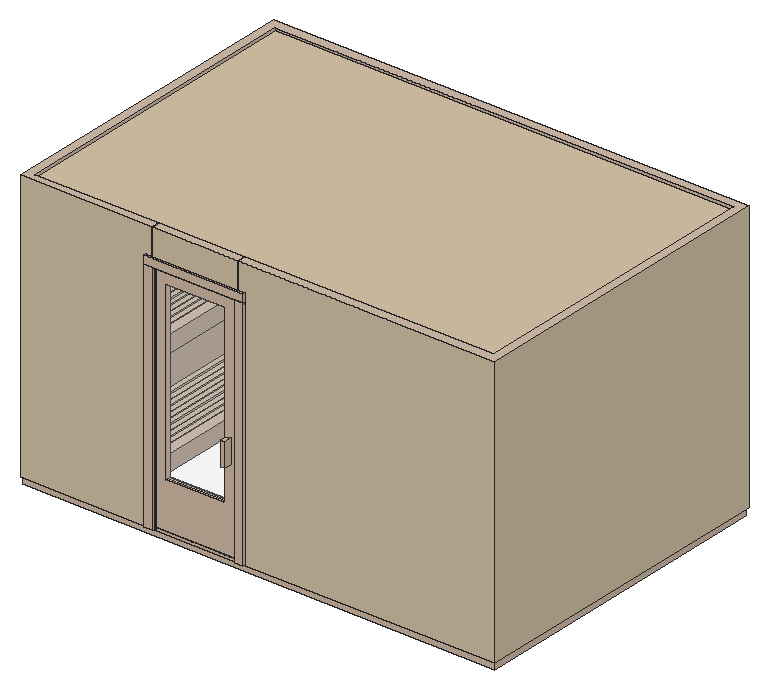
Revit family "Sauna-Room_Prefab_Finlandia_FPF-812", category Specialty Equipment, Revit 2026
Family settings
  Round Connector Dimension = Use Diameter
  Part Type = Normal
  Classification Number = 23.40.50.34.37
  Work Plane-Based = Yes
  Enable Cutting in Views = No
  Always vertical = No
  Cut with Voids When Loaded = No
  Maintain Annotation Orientation = No
  Shared = No
  Room Calculation Point = No
Parameters (values of type "Reversed as Specified")
  Warranty Duration (Years) = 0
  Wall Thickness = 0' - 2 1/2"
  Unit Width = 12' - 0"
  Unit Height = 7' - 0"
  Unit Depth = 8' - 0"
  URL = "http://www.finlandiasauna.com/index.html"
  Structural Frame Material [instance] = Wood - Red Cedar - Finlandia - Finish as Specified
  Standard = not(Reversed)  # no
  Specification = "http://www.arcat.com/sdspecs/htm/13052fin.htm"
  SpecWizard = ""
  Send Message = "http://www.arcat.com/users.pl?action=UserEmail&amp;company=Finlandia+Sauna+Products,+Inc.&amp;coid=32492&amp;rep=133&amp;fax=503-684-1120&amp;mf=95"
  Sales Information = "http://www.finlandiasauna.com/sauna-contactus.html"
  Revision = "R1_2014-07"
  Reversed = yes
  Product Properties = ""
  Product Data = "http://www.arcat.com/arcatcos/cos9532/arc32492.html"
  Model = "FPF 812"
  Manufacturer Website = "http://www.finlandiasauna.com/index.html"
  Manufacturer Phone - Toll Free = "800-354-3342"
  Manufacturer Phone = "503-684-8289"
  Manufacturer Fax = "503-684-1120"
  Manufacturer Address = "14010-B S.W. 72nd Ave.  Portland, OR 97224-0088"
  Manufacturer = "Finlandia Sauna Products, Inc."
  Maintenance Schedule (Months) = 0
  Keynote = "13052"
  Interior Finish [instance] = Wood - TnG - Finlandia - Red Cedar as Specified
  Installation-Fabrication = ""
  Installation Phase = ""
  HeaterLocate = if(Reversed, Unit Width - 4' 4", 4' 4")  # 7' - 8"
  Heater Type [instance] = SaunaHeater : Club 10 kW
  Green Building-LEED = "http://www.arcat.com/green/clients95/leed_data_32492.html"
  Exterior Finish [instance] = Wood - Mahogany - Finlandia - Finish as Specified
  Exposed Base [instance] = 0' - 2"
  Expected Lifespan (Years) = 0
  Drawn By = "Sumex Design, Inc. / Robert S. Weygant, CSI, CDT, SCIP"
  DoorLocate = if(Reversed, Unit Width - Door RO Width - 3' 4", 3' 4")  # 6' - 6"
  Door Slab Finish [instance] = Wood - Douglas Fir - Finlandia - Finish as Specified
  Door Frame Finish [instance] = Wood - Douglas Fir - Finlandia - Finish as Specified
  Door RO Width = 2' - 2"
  Door RO Height [instance] = 6' - 0"
  Door Glazing Tint [instance] = Glazing - Finlandia - Clear
  Description = "Finlandia Prefab Modular Sauna Room - FPF 812 as Specified"
  Default Elevation = 0' - 0"
  Copyright = "©Arcat Inc."
  Construction Details = "http://www.arcat.com/details/finsauna/95finsauna.html?coid=32492"
  Capacity = "12 People"
  Bench Slat Material [instance] = Wood - Red Cedar - Finlandia - Finish as Specified
  Assembly Code = "F1010300"
Types (2): name | Standard | Reversed | HeaterLocate | DoorLocate
  Reversed as Specified | no | yes | 7' - 8" | 6' - 6"
  Standard as Specified | yes | no | 4' - 4" | 3' - 4"
Reference planes (in)
  plane 1 "Center (Front/Back)": y = 0
  plane 2 "Bottom": z = 0
  plane 3 "Center (Left/Right)": x = 0
  plane 4 "Front": y = -48
  plane 5 "Back": y = 48
  plane 6 "Left": x = -72
  plane 7 "Right": x = 72
  plane 8 "Top": z = 84
  plane 9: x = -69.5
  plane 10: x = 69.5
  plane 11: y = 45.5
  plane 12: y = -45.5
  plane 13: z = 2
  plane 14: x = -32
  plane 15: x = -6
  plane 16: z = 74
Forms (in)
  Extrusion 1, solid, material "Wood - Red Cedar - Finlandia - Finish as Specified" <- "Structural Frame Material"
    sketch origin (0, 0, 0) x (1, 0, 0) y (0, 1, 0)
      loop
        line (-71.65625, 47.65625) -> (-71.65625, -47.65625) -> (71.65625, -47.65625) -> (71.65625, 47.65625) -> (-71.65625, 47.65625)
      loop
        line (-70.15625, 46.15625) -> (-70.15625, -46.15625) -> (70.15625, -46.15625) -> (70.15625, 46.15625) -> (-70.15625, 46.15625)
    from 0 to 2
  Extrusion 2, solid, material "Wood - Red Cedar - Finlandia - Finish as Specified" <- "Structural Frame Material"
    sketch origin (0, 0, 0) x (1, 0, 0) y (0, 1, 0)
      loop
        line (-69.5, -45.5) -> (-69.5, 45.5) -> (69.5, 45.5) -> (69.5, -45.5) -> (-6, -45.5) -> (-6, -48) -> (72, -48) -> (72, 48) -> (-72, 48) -> (-72, -48) -> (-32, -48) -> (-32, -45.5) -> (-69.5, -45.5)
    from 2 to 84
  Sweep 3, solid, material "Wood - Red Cedar - Finlandia - Finish as Specified" <- "Bench Slat Material"
    path origin (0, 0, 0) x (1, 0, 0) y (0, 1, 0)
      loop
        line (-69.5, -45.5) -> (-69.5, 45.5)
    profile "Bench : Bench" origin (-69.5, 0, 0) x (-1, 0, 0) y (0, 0, 1)
      loop
        line (0, 31.5) -> (0, 36) -> (-1.625, 36) -> (-1.625, 34.5) -> (-2, 34.5) -> (-2, 36) -> (-3.5, 36) -> (-3.5, 34.5) -> (-3.875, 34.5) -> (-3.875, 36) -> (-5.375, 36) -> (-5.375, 34.5) -> (-5.75, 34.5) -> (-5.75, 36) -> (-7.25, 36) -> (-7.25, 34.5) -> (-7.625, 34.5) -> (-7.625, 36) -> (-9.125, 36) -> (-9.125, 34.5) -> (-9.5, 34.5) -> (-9.5, 36) -> (-11, 36) -> (-11, 34.5) -> (-11.375, 34.5) -> (-11.375, 36) -> (-12.875, 36) -> (-12.875, 34.5) -> (-13.25, 34.5) -> (-13.25, 36) -> (-14.75, 36) -> (-14.75, 34.5) -> (-15.125, 34.5) -> (-15.125, 36) -> (-16.625, 36) -> (-16.625, 34.5) -> (-17, 34.5) -> (-17, 36) -> (-20, 36) -> (-20, 31) -> (-18.5, 31) -> (-18.5, 31.5) -> (0, 31.5)
  Sweep 4, solid, material "Wood - Red Cedar - Finlandia - Finish as Specified" <- "Bench Slat Material"
    path origin (0, 0, 0) x (-1, 0, 0) y (0, 1, 0)
      loop
        line (-69.5, -45.5) -> (-69.5, 45.5)
    profile "Bench : Bench" origin (69.5, 0, 0) x (-1, 0, 0) y (0, 0, 1)
      loop
        line (0, 31.5) -> (18.5, 31.5) -> (18.5, 31) -> (20, 31) -> (20, 36) -> (17, 36) -> (17, 34.5) -> (16.625, 34.5) -> (16.625, 36) -> (15.125, 36) -> (15.125, 34.5) -> (14.75, 34.5) -> (14.75, 36) -> (13.25, 36) -> (13.25, 34.5) -> (12.875, 34.5) -> (12.875, 36) -> (11.375, 36) -> (11.375, 34.5) -> (11, 34.5) -> (11, 36) -> (9.5, 36) -> (9.5, 34.5) -> (9.125, 34.5) -> (9.125, 36) -> (7.625, 36) -> (7.625, 34.5) -> (7.25, 34.5) -> (7.25, 36) -> (5.75, 36) -> (5.75, 34.5) -> (5.375, 34.5) -> (5.375, 36) -> (3.875, 36) -> (3.875, 34.5) -> (3.5, 34.5) -> (3.5, 36) -> (2, 36) -> (2, 34.5) -> (1.625, 34.5) -> (1.625, 36) -> (0, 36) -> (0, 31.5)
  Sweep 5, solid, material "Wood - Red Cedar - Finlandia - Finish as Specified" <- "Bench Slat Material"
    path origin (-77.70319, 6.79815, 0) x (-1, 0, 0) y (0, 1, 0)
      loop
        line (-127.20319, 38.70185) -> (-28.20319, 38.70185)
    profile "Bench : Bench" origin (0, 45.5, 0) x (0, -1, 0) y (0, 0, 1)
      loop
        line (0, 31.5) -> (18.5, 31.5) -> (18.5, 31) -> (20, 31) -> (20, 36) -> (17, 36) -> (17, 34.5) -> (16.625, 34.5) -> (16.625, 36) -> (15.125, 36) -> (15.125, 34.5) -> (14.75, 34.5) -> (14.75, 36) -> (13.25, 36) -> (13.25, 34.5) -> (12.875, 34.5) -> (12.875, 36) -> (11.375, 36) -> (11.375, 34.5) -> (11, 34.5) -> (11, 36) -> (9.5, 36) -> (9.5, 34.5) -> (9.125, 34.5) -> (9.125, 36) -> (7.625, 36) -> (7.625, 34.5) -> (7.25, 34.5) -> (7.25, 36) -> (5.75, 36) -> (5.75, 34.5) -> (5.375, 34.5) -> (5.375, 36) -> (3.875, 36) -> (3.875, 34.5) -> (3.5, 34.5) -> (3.5, 36) -> (2, 36) -> (2, 34.5) -> (1.625, 34.5) -> (1.625, 36) -> (0, 36) -> (0, 31.5)
  Sweep 6, solid, material "Wood - Red Cedar - Finlandia - Finish as Specified" <- "Bench Slat Material"
    path origin (-77.70319, -13.20185, 0) x (-1, 0, 0) y (0, 1, 0)
      loop
        line (-111.20319, 42.70185) -> (-44.20319, 42.70185)
    profile "Bench : Bench" origin (0, 29.5, 0) x (0, -1, 0) y (0, 0, 1)
      loop
        line (0, 13.5) -> (18.5, 13.5) -> (18.5, 13) -> (20, 13) -> (20, 18) -> (17, 18) -> (17, 16.5) -> (16.625, 16.5) -> (16.625, 18) -> (15.125, 18) -> (15.125, 16.5) -> (14.75, 16.5) -> (14.75, 18) -> (13.25, 18) -> (13.25, 16.5) -> (12.875, 16.5) -> (12.875, 18) -> (11.375, 18) -> (11.375, 16.5) -> (11, 16.5) -> (11, 18) -> (9.5, 18) -> (9.5, 16.5) -> (9.125, 16.5) -> (9.125, 18) -> (7.625, 18) -> (7.625, 16.5) -> (7.25, 16.5) -> (7.25, 18) -> (5.75, 18) -> (5.75, 16.5) -> (5.375, 16.5) -> (5.375, 18) -> (3.875, 18) -> (3.875, 16.5) -> (3.5, 16.5) -> (3.5, 18) -> (2, 18) -> (2, 16.5) -> (1.625, 16.5) -> (1.625, 18) -> (0, 18) -> (0, 13.5)
  Sweep 7, solid, material "Wood - Red Cedar - Finlandia - Finish as Specified" <- "Bench Slat Material"
    path origin (20, 0, 0) x (1, 0, 0) y (0, 1, 0)
      loop
        line (-73.5, -45.5) -> (-73.5, 45.5)
    profile "Bench : Bench" origin (-53.5, 0, 0) x (-1, 0, 0) y (0, 0, 1)
      loop
        line (0, 13.5) -> (0, 18) -> (-1.625, 18) -> (-1.625, 16.5) -> (-2, 16.5) -> (-2, 18) -> (-3.5, 18) -> (-3.5, 16.5) -> (-3.875, 16.5) -> (-3.875, 18) -> (-5.375, 18) -> (-5.375, 16.5) -> (-5.75, 16.5) -> (-5.75, 18) -> (-7.25, 18) -> (-7.25, 16.5) -> (-7.625, 16.5) -> (-7.625, 18) -> (-9.125, 18) -> (-9.125, 16.5) -> (-9.5, 16.5) -> (-9.5, 18) -> (-11, 18) -> (-11, 16.5) -> (-11.375, 16.5) -> (-11.375, 18) -> (-12.875, 18) -> (-12.875, 16.5) -> (-13.25, 16.5) -> (-13.25, 18) -> (-14.75, 18) -> (-14.75, 16.5) -> (-15.125, 16.5) -> (-15.125, 18) -> (-16.625, 18) -> (-16.625, 16.5) -> (-17, 16.5) -> (-17, 18) -> (-20, 18) -> (-20, 13) -> (-18.5, 13) -> (-18.5, 13.5) -> (0, 13.5)
  Sweep 8, solid, material "Wood - Red Cedar - Finlandia - Finish as Specified" <- "Bench Slat Material"
    path origin (-20, 0, 0) x (-1, 0, 0) y (0, 1, 0)
      loop
        line (-73.5, -45.5) -> (-73.5, 45.5)
    profile "Bench : Bench" origin (53.5, 0, 0) x (-1, 0, 0) y (0, 0, 1)
      loop
        line (0, 13.5) -> (18.5, 13.5) -> (18.5, 13) -> (20, 13) -> (20, 18) -> (17, 18) -> (17, 16.5) -> (16.625, 16.5) -> (16.625, 18) -> (15.125, 18) -> (15.125, 16.5) -> (14.75, 16.5) -> (14.75, 18) -> (13.25, 18) -> (13.25, 16.5) -> (12.875, 16.5) -> (12.875, 18) -> (11.375, 18) -> (11.375, 16.5) -> (11, 16.5) -> (11, 18) -> (9.5, 18) -> (9.5, 16.5) -> (9.125, 16.5) -> (9.125, 18) -> (7.625, 18) -> (7.625, 16.5) -> (7.25, 16.5) -> (7.25, 18) -> (5.75, 18) -> (5.75, 16.5) -> (5.375, 16.5) -> (5.375, 18) -> (3.875, 18) -> (3.875, 16.5) -> (3.5, 16.5) -> (3.5, 18) -> (2, 18) -> (2, 16.5) -> (1.625, 16.5) -> (1.625, 18) -> (0, 18) -> (0, 13.5)
  Extrusion 9, solid, material "Wood - Red Cedar - Finlandia - Finish as Specified" <- "Structural Frame Material"
    sketch origin (0, 0, 0) x (1, 0, 0) y (0, 1, 0)
      loop
        line (-32, -45.5) -> (-32, -48) -> (-6, -48) -> (-6, -45.5) -> (-32, -45.5)
    from 74 to 84
  Extrusion 10, solid, material "Wood - Mahogany - Finlandia - Finish as Specified" <- "Exterior Finish"
    sketch origin (-43.59721, -180, 84) x (-1, 0, 0) y (0, -1, 0)
      loop
        line (25.90279, -225.5) -> (25.90279, -134.5) -> (-113.09721, -134.5) -> (-113.09721, -225.5) -> (25.90279, -225.5)
    from -3.875 to -0.75
  Extrusion 11, solid, material "Wood - Red Cedar - Finlandia - Finish as Specified" <- "Bench Slat Material", visible <- "Standard"
    sketch origin (0, 0, 0) x (1, 0, 0) y (0, 1, 0)
      loop
        line (-32.28125, -45.5) -> (-30.78125, -45.5) -> (-30.78125, -16.96875) -> (-3.78125, -16.96875) -> (-3.78125, -45.5) -> (-2.28125, -45.5) -> (-2.28125, -15.46875) -> (-32.28125, -15.46875) -> (-32.28125, -45.5)
    from 0 to 31.5
  Extrusion 12, solid, material "Wood - Red Cedar - Finlandia - Finish as Specified" <- "Bench Slat Material", visible <- "Reversed"
    sketch origin (0, 0, 0) x (-1, 0, 0) y (0, -1, 0)
      loop
        line (-32.28125, 45.5) -> (-32.28125, 15.46875) -> (-2.28125, 15.46875) -> (-2.28125, 45.5) -> (-3.78125, 45.5) -> (-3.78125, 16.96875) -> (-30.78125, 16.96875) -> (-30.78125, 45.5) -> (-32.28125, 45.5)
    from 0 to 31.5
Dimensions and locks (in)
  equal spacing: plane 6 "Left", plane 3 "Center (Left/Right)", plane 7 "Right"
  "Unit Width": plane 6 "Left" to plane 7 "Right"
  equal spacing: plane 5 "Back", plane 1 "Center (Front/Back)", plane 4 "Front"
  "Unit Depth": plane 5 "Back" to plane 4 "Front"
  "Unit Height": plane 8 "Top" to level
  "Wall Thickness": plane 5 "Back" to plane 11
  "Wall Thickness": plane 12 to plane 4 "Front"
  "Wall Thickness": plane 6 "Left" to plane 9
  "Wall Thickness": plane 10 to plane 7 "Right"
  "Exposed Base": plane 13 to level
  plane 6 "Left" to Extrusion 1 sketch curve to Extrusion 1 sketch curve = 0' - 0 11/32" locked, 0' - 1 1/2" locked
  Extrusion 1 sketch curve to Extrusion 1 sketch curve to plane 7 "Right" = 0' - 1 1/2" locked, 0' - 0 11/32" locked
  plane 5 "Back" to Extrusion 1 sketch curve to Extrusion 1 sketch curve = 0' - 0 11/32" locked, 0' - 1 1/2" locked
  Extrusion 1 sketch curve to Extrusion 1 sketch curve to plane 4 "Front" = 0' - 1 1/2" locked, 0' - 0 11/32" locked
  "Door RO Width": plane 14 to plane 15
  "DoorLocate": plane 15 to plane 7 "Right"
  locked: plane 11 to Sweep 6 sketch curve at 16
  locked: plane 9 to Sweep 6 sketch curve at 36
  locked: Sweep 6 sketch curve to plane 10 at 36
  locked: plane 11 to Sweep 3 sketch curve at 0
  locked: plane 11 to Sweep 4 sketch curve at 0
  locked: plane 9 to Sweep 7 sketch curve at 16
  locked: plane 11 to Sweep 7 sketch curve at 0
  locked: plane 11 to Sweep 8 sketch curve at 0
  locked: Sweep 8 sketch curve to plane 10 at 16
  locked: plane 9 to Sweep 5 sketch curve at 20
  locked: Sweep 5 sketch curve to plane 10 at 20
  "Door RO Height": plane 16 to plane 13
  locked: nested 1 to plane 12 at 3
  locked: plane 9 to nested 1 at 42
  locked: nested 3 to plane 10 at 42
  locked: nested 3 to plane 12 at 3
  plane 9 to Extrusion 11 sketch curve to Extrusion 11 sketch curve to Extrusion 11 sketch curve to Extrusion 11 sketch curve = 3' - 1 7/32" locked, 0' - 1 1/2" locked, 2' - 3" locked, 0' - 1 1/2" locked
  Extrusion 12 sketch curve to Extrusion 12 sketch curve to Extrusion 12 sketch curve to Extrusion 12 sketch curve = 0' - 1 1/2" locked, 2' - 3" locked, 0' - 1 1/2" locked
  locked: Extrusion 12 sketch curve to plane 10 at 37.21875
  aligned: Extrusion 1 to plane 13
  aligned and locked: Extrusion 2 sketch curve to plane 9
  aligned and locked: Extrusion 2 sketch curve to plane 11
  aligned and locked: Extrusion 2 sketch curve to plane 10
  aligned and locked: Extrusion 2 sketch curve to plane 12
  aligned and locked: Extrusion 2 to plane 13
  aligned and locked: Extrusion 1 to plane 13
  aligned and locked: Extrusion 2 sketch curve to plane 4 "Front"
  aligned and locked: Extrusion 2 sketch curve to plane 7 "Right"
  aligned and locked: Extrusion 2 sketch curve to plane 5 "Back"
  aligned and locked: Extrusion 2 sketch curve to plane 6 "Left"
  aligned and locked: Extrusion 2 to plane 8 "Top"
  aligned and locked: Sweep 5 sketch curve to plane 11
  aligned and locked: plane 12 to Sweep 3 sketch curve
  aligned and locked: Sweep 3 sketch curve to plane 9
  aligned and locked: Sweep 4 sketch curve to plane 10
  aligned and locked: Sweep 4 sketch curve to plane 12
  aligned and locked: plane 12 to Sweep 7 sketch curve
  aligned and locked: Sweep 8 sketch curve to plane 12
  aligned and locked: plane 15 to nested 2
  aligned and locked: plane 4 "Front" to nested 2
  aligned and locked: Extrusion 2 sketch curve to plane 14
  aligned and locked: Extrusion 2 sketch curve to plane 15
  aligned and locked: Extrusion 9 sketch curve to plane 14
  aligned and locked: plane 12 to Extrusion 9 sketch curve
  aligned and locked: Extrusion 9 sketch curve to plane 4 "Front"
  aligned and locked: plane 15 to Extrusion 9 sketch curve
  aligned and locked: plane 8 "Top" to Extrusion 9
  aligned and locked: Extrusion 9 to plane 16
  aligned and locked: Extrusion 10 sketch curve to plane 11
  aligned and locked: Extrusion 10 sketch curve to plane 9
  aligned and locked: Extrusion 10 sketch curve to plane 12
  aligned and locked: Extrusion 10 sketch curve to plane 10
Automatic sketch dimensions
  Extrusion 2 sketch curve to plane 4 "Front" = 0' - 0"
  plane 12 to Extrusion 2 sketch curve = 0' - 0"
  Extrusion 11 sketch curve to plane 12 = 0' - 0"  (x2)
  plane 1 "Center (Front/Back)" to Extrusion 11 sketch curve = 1' - 4 31/32"
  Extrusion 11 sketch curve to Extrusion 11 sketch curve = 0' - 1 1/2"
  plane 12 to Extrusion 12 sketch curve = 0' - 0"
  Extrusion 12 sketch curve to plane 12 = 0' - 0"
  Extrusion 12 sketch curve to plane 1 "Center (Front/Back)" = 1' - 4 31/32"
  Extrusion 12 sketch curve to Extrusion 12 sketch curve = 0' - 1 1/2"
Nested families (in)
  nested 1: "SaunaHeater" at (-17.5625, -34, 0), type <- "Heater Type", visible <- "Standard", type "Club 10 kW"
    with Width 1' - 7 7/8", Height 2' - 3 1/2", Depth 1' - 5"
  nested 2: "Door" at (-19, -46.75, 2), Wall Thickness <- "Wall Thickness", Rough Width <- "Door RO Width", Rough Height <- "Door RO Height", glazing <- "Door Glazing Tint", Swing Right <- "Standard", Swing Left <- "Reversed", frame finish <- "Door Frame Finish", door finish <- "Door Slab Finish", type "Standard"
    with glazing Glazing - Finlandia - Clear, frame finish Wood - Douglas Fir - Finlandia - Finish as Specified, door finish Wood - Douglas Fir - Finlandia - Finish as Specified, built-in parameter 1001301 2' - 0", Wall Thickness 0' - 2 1/2", Swing Right no, Swing Left yes, built-in parameter 1001305 2' - 2", built-in parameter 1001304 6' - 0"
  nested 3: "SaunaHeater" at (17.5625, -34, 0) x (-1, 0, 0) z (0, 0, 1), type <- "Heater Type", visible <- "Reversed", type "Club 10 kW"
    with Width 1' - 7 7/8", Height 2' - 3 1/2", Depth 1' - 5"
Connectors (in)
  electrical at (0, 0, 83.25)
    settings: on Extrusion 10, index 1, voltage 0 V, apparent load 0 VA, apparent load phase1 0 VA, apparent load phase2 0 VA, apparent load phase3 0 VA, power factor 1, load classification "Other", number of poles 1, system type 31, power factor state 1, is connector primary yes, connector utility no, sub classification motor no, connector description ""
Definition of nested family "SaunaHeater"
  Parameters
    Width = 1' - 8 1/8"
    Height = 2' - 8"
    Depth = 1' - 8 1/8"
    Default Elevation = 0' - 0"
  Reference planes (in)
    plane 1 "Center (Front/Back)": y = 0
    plane 2: z = 0
    plane 3 "Center (Left/Right)": x = 0
    plane 4: x = -10.0625
    plane 5: x = 10.0625
    plane 6: y = 10.0625
    plane 7: y = -10.0625
    plane 8: z = 32
  Forms (in)
    Extrusion 1, solid
      sketch origin (0, 0, 0) x (1, 0, 0) y (0, 1, 0)
        loop
          line (-10.0625, 10.0625) -> (-10.0625, -10.0625) -> (10.0625, -10.0625) -> (10.0625, 10.0625) -> (-10.0625, 10.0625)
      from 0 to 32
  Dimensions and locks (in)
    equal spacing: plane 4, plane 3 "Center (Left/Right)", plane 5
    equal spacing: plane 6, plane 1 "Center (Front/Back)", plane 7
    "Depth": plane 6 to plane 7
    "Width": plane 4 to plane 5
    "Height": plane 8 to level
    aligned and locked: level to plane 2
    aligned and locked: Extrusion 1 sketch curve to plane 6
    aligned and locked: plane 4 to Extrusion 1 sketch curve
    aligned and locked: plane 7 to Extrusion 1 sketch curve
    aligned and locked: Extrusion 1 sketch curve to plane 5
    aligned and locked: plane 8 to Extrusion 1
Definition of nested family "Door"
  Parameters
    glazing [instance] = none
    frame finish [instance] = none
    door finish [instance] = none
    Width [instance] = Rough Width - 0' 2"  # 2' - 0"
    Wall Thickness [instance] = 1' - 2"
    Swing Right [instance] = yes
    Swing Left [instance] = yes
    Rough Width [instance] = 2' - 2"
    Rough Height [instance] = 4' - 11.36872"
    Default Elevation = 4' - 0"
    Assembly Code = ""
  Reference planes (in)
    plane 1 "Center (Front/Back)": y = 0
    plane 2: z = 0
    plane 3 "Center (Left/Right)": x = 0
    plane 4: x = -13
    plane 5: x = 13
    plane 6: y = 7
    plane 7: y = -7
    plane 8: z = 59.36872
    plane 9: x = -15
    plane 10: x = 15
    plane 11: y = -31
  Forms (in)
    Extrusion 1, solid, material <- "frame finish"
      sketch origin (-22.33749, -180, 59.36872) x (-1, 0, 0) y (0, -1, 0)
        loop
          line (-9.33749, -187) -> (-9.33749, -173) -> (-7.33749, -173) -> (-7.33749, -172.5) -> (-9.83749, -172.5) -> (-9.83749, -173) -> (-10.33749, -173) -> (-10.33749, -187.5) -> (-7.33749, -187.5) -> (-7.33749, -187) -> (-9.33749, -187)
        loop
          line (-35.33749, -187) -> (-37.33749, -187) -> (-37.33749, -187.5) -> (-34.33749, -187.5) -> (-34.33749, -173) -> (-34.83749, -173) -> (-34.83749, -172.5) -> (-37.33749, -172.5) -> (-37.33749, -173) -> (-35.33749, -173) -> (-35.33749, -187)
      from -59.36872 to -0.5
    Extrusion 2, solid, material <- "frame finish"
      sketch origin (0, 0, 0) x (0, 1, 0) y (0, 0, 1)
        loop
          line (7, 58.36872) -> (7, 58.86872) -> (7.5, 58.86872) -> (7.5, 61.36872) -> (7, 61.36872) -> (7, 59.36872) -> (-7, 59.36872) -> (-7, 61.36872) -> (-7.5, 61.36872) -> (-7.5, 58.86872) -> (-7, 58.86872) -> (-7, 58.36872) -> (7, 58.36872)
      from -15 to 15
    Extrusion 3, solid, material <- "frame finish"
      sketch origin (0, 0, 0) x (1, 0, 0) y (0, 1, 0)
        loop
          line (-12, -5.25) -> (-11.25, -5.25) -> (-11.25, -4.375) -> (-12, -4.375) -> (-12, -5.25)
        loop
          line (12, -5.25) -> (12, -4.375) -> (11.25, -4.375) -> (11.25, -5.25) -> (12, -5.25)
      from 0 to 59.36872
    Extrusion 4, solid, material <- "frame finish"
      sketch origin (0, 0, 0) x (0, 1, 0) y (0, 0, 1)
        loop
          line (-5.25, 58.36872) -> (-5.25, 57.86872) -> (-4.375, 57.86872) -> (-4.375, 58.36872) -> (-5.25, 58.36872)
      from -13 to 13
    Extrusion 5, solid, material <- "door finish"
      sketch origin (-22.31101, -7, 48) x (-1, 0, 0) y (0, 0, 1)
        loop
          line (-34.31101, -47.25) -> (-10.31101, -47.25) -> (-10.31101, 10.36872) -> (-34.31101, 10.36872) -> (-34.31101, -47.25)
        loop
          line (-13.31101, 7.36872) -> (-31.31101, 7.36872) -> (-31.31101, -33.25) -> (-13.31101, -33.25) -> (-13.31101, 7.36872)
      from 0 to 1.75
    Extrusion 6, solid, material <- "frame finish"
      sketch origin (0, 0, 0) x (0, 1, 0) y (0, 0, 1)
        loop
          line (-7, 0.75) -> (-7, 0) -> (7, 0) -> (7, 0.75) -> (-7, 0.75)
      from -13 to 13
    Extrusion 7, solid, material <- "glazing"
      sketch origin (-22.31101, -7, 48) x (-1, 0, 0) y (0, 0, 1)
        loop
          line (-13.31101, 7.36872) -> (-31.31101, 7.36872) -> (-31.31101, -33.25) -> (-13.31101, -33.25) -> (-13.31101, 7.36872)
      from 1.125 to 0.625
    Extrusion 8, solid, material <- "door finish", visible <- "Swing Right"
      sketch origin (-22.31101, -7, 48) x (-1, 0, 0) y (0, 0, 1)
        loop
          line (-11.5611, -15.059) -> (-12.8111, -15.059) -> (-12.8111, -22.309) -> (-11.5611, -22.309) -> (-11.5611, -15.059)
      from 0 to -2
    Extrusion 9, solid, material <- "door finish", visible <- "Swing Left"
      sketch origin (-22.31101, -7, 48) x (-1, 0, 0) y (0, 0, 1)
        loop
          line (-33.06091, -15.059) -> (-33.06091, -22.309) -> (-31.81091, -22.309) -> (-31.81091, -15.059) -> (-33.06091, -15.059)
      from 0 to -2
  Lines and regions (in)
    symbolic lines, visible <- "Swing Right"
      curve 1: line (12, -7, 0) -> (12, -31, 0)
      curve 2: arc (12, -31, 0) -> (-4.97056, -23.97056, 0) -> (-12, -7, 0) r 24
    symbolic lines, visible <- "Swing Left"
      curve 3: arc (-12, -31, 0) -> (4.97056, -23.97056, 0) -> (12, -7, 0) r 24
      curve 4: line (-12, -31, 0) -> (-12, -7, 0)
  Dimensions and locks (in)
    equal spacing: plane 6, plane 1 "Center (Front/Back)", plane 7
    "Wall Thickness": plane 6 to plane 7
    equal spacing: plane 4, plane 3 "Center (Left/Right)", plane 5
    "Rough Width": plane 4 to plane 5
    "Rough Height": plane 8 to level
    Extrusion 1 sketch curve to plane 4 to Extrusion 1 sketch curve = 0' - 2" locked, 0' - 1" locked
    locked: Extrusion 1 sketch curve to plane 6 at 0.5  (x2)
    locked: plane 7 to Extrusion 1 sketch curve at 0.5  (x2)
    Extrusion 1 sketch curve to plane 4 to Extrusion 1 sketch curve = 0' - 2" locked, 0' - 0 1/2" locked
    Extrusion 1 sketch curve to plane 5 to Extrusion 1 sketch curve = 0' - 1" locked, 0' - 2" locked
    Extrusion 1 sketch curve to plane 5 to Extrusion 1 sketch curve = 0' - 0 1/2" locked, 0' - 2" locked
    Extrusion 2 sketch curve to plane 8 to Extrusion 2 sketch curve = 0' - 2" locked, 0' - 0 1/2" locked
    locked: Extrusion 2 sketch curve to plane 7 at 0.5
    locked: plane 6 to Extrusion 2 sketch curve at 0.5
    Extrusion 2 sketch curve to plane 8 to Extrusion 2 sketch curve to Extrusion 2 sketch curve = 0' - 2" locked, 0' - 0 1/2" locked, 0' - 0 1/2" locked
    Extrusion 3 sketch curve to Extrusion 3 sketch curve to plane 7 = 0' - 0 7/8" locked, 0' - 1 3/4" locked
    locked: Extrusion 3 sketch curve to Extrusion 3 sketch curve at 0.875
    locked: Extrusion 3 sketch curve to plane 7 at 1.75
    Extrusion 3 sketch curve to Extrusion 3 sketch curve to plane 5 = 0' - 0 3/4" locked, 0' - 1" locked
    plane 4 to Extrusion 3 sketch curve to Extrusion 3 sketch curve = 0' - 1" locked, 0' - 0 3/4" locked
    plane 7 to Extrusion 4 sketch curve to Extrusion 4 sketch curve = 0' - 1 3/4" locked, 0' - 0 7/8" locked
    plane 8 to Extrusion 4 sketch curve to Extrusion 4 sketch curve = 0' - 1" locked, 0' - 0 1/2" locked
    locked: plane 4 to plane 9 at 2
    locked: plane 10 to plane 5 at 2
    locked: Extrusion 5 sketch curve to plane 4 at 1
    locked: plane 5 to Extrusion 5 sketch curve at 1
    locked: plane 8 to Extrusion 5 sketch curve at 1
    locked: Extrusion 5 sketch curve to level at 0.75
    locked: Extrusion 6 sketch curve to level at 0.75
    locked: Extrusion 5 sketch curve to Extrusion 5 sketch curve at 3  (x3)
    locked: Extrusion 5 sketch curve to level at 14.75
    locked: Extrusion 7 sketch curve to level at 14.75
    locked: plane 8 to Extrusion 7 sketch curve at 4
    locked: Extrusion 7 sketch curve to plane 4 at 4
    locked: plane 5 to Extrusion 7 sketch curve at 4
    "Width": plane 7 to plane 11
    Extrusion 8 sketch curve to Extrusion 8 sketch curve to level = 0' - 7 1/4" locked, 2' - 1.691" locked
    locked: Extrusion 9 sketch curve to Extrusion 9 sketch curve at 7.25
    plane 5 to Extrusion 9 sketch curve to Extrusion 9 sketch curve = 0' - 2.25009" locked, 0' - 1 1/4" locked
    locked: Extrusion 9 sketch curve to level at 25.691
    Extrusion 8 sketch curve to Extrusion 8 sketch curve to plane 4 = 0' - 1 1/4" locked, 0' - 2.25009" locked
    aligned and locked: plane 2 to level
    aligned and locked: Extrusion 1 sketch curve to plane 4
    aligned and locked: plane 6 to Extrusion 1 sketch curve
    aligned and locked: Extrusion 1 sketch curve to plane 7  (x2)
    aligned and locked: plane 7 to Extrusion 1 sketch curve  (x2)
    aligned and locked: Extrusion 1 sketch curve to plane 5
    aligned and locked: Extrusion 1 sketch curve to plane 6
    aligned: plane 8 to Extrusion 1
    aligned and locked: plane 8 to Extrusion 2 sketch curve
    aligned and locked: plane 7 to Extrusion 2 sketch curve
    aligned and locked: Extrusion 2 sketch curve to plane 6
    aligned and locked: Extrusion 2 sketch curve to plane 7
    aligned and locked: plane 6 to Extrusion 2 sketch curve
    aligned and locked: plane 8 to Extrusion 3
    aligned and locked: plane 5 to Extrusion 4
    aligned and locked: Extrusion 4 to plane 4
    aligned and locked: plane 9 to Extrusion 2
    aligned and locked: Extrusion 2 to plane 10
    aligned and locked: Extrusion 6 sketch curve to plane 7
    aligned and locked: plane 6 to Extrusion 6 sketch curve
    aligned and locked: Extrusion 6 sketch curve to level
    aligned and locked: plane 5 to Extrusion 6
    aligned and locked: Extrusion 6 to plane 4
    aligned and locked: Extrusion 1 to level
  Automatic sketch dimensions
    curve 3 to plane 7 = 0' - 0"
    curve 4 to plane 11 = 0' - 0"
    curve 4 to plane 7 = 0' - 0"
    plane 4 to curve 3 = 0' - 1"
